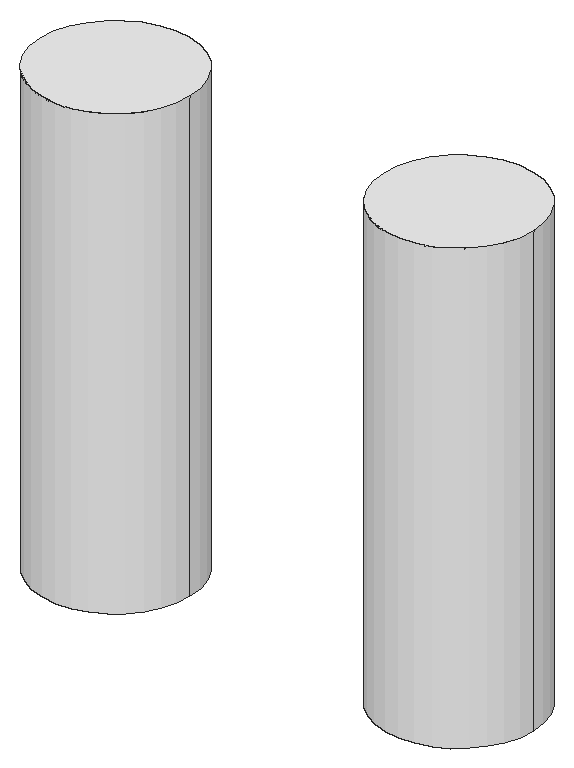
Revit family "64912019", category Plumbing Fixtures, Revit 2018
Family settings
  Round Connector Dimension = Use Diameter
  Part Type = Normal
  OmniClass Number = 23.45.55.00
  OmniClass Title = Sanitary Faucets, Wastes
  Work Plane-Based = No
  Always vertical = Yes
  Cut with Voids When Loaded = No
  Shared = No
  Room Calculation Point = No
Parameters (values of type "64912019 Washbasin faucet, 9/12 V, Bluetooth ")
  WorkingPressure = "50 - 1000 kPa"
  Working Pressure = "50 - 1000 kPa"
  WarrantyStartDate [instance] = "n/a"
  WarrantyGuarantorParts = "n/a"
  WarrantyGuarantorLabor = "n/a"
  WarrantyDurationUnit = "Year"
  WarrantyDurationParts = "n/a"
  WarrantyDurationLabor = "n/a"
  WarrantyDescription = "http://warranty.hansa.com"
  Warranty Information URL = "http://warranty.hansa.com"
  VersionDate = "01/07/2022"
  Version = "3"
  ValvePattern = "n/a"
  ValveOperation = "n/a"
  ValveMechanism = "n/a"
  Uniclass2015Reference = "Pr_40_20_87_96"
  Uniclass2015Description = "Washbasin manual water supply sets"
  Uniclass2 = "Pr_40_30_96_96"
  URL WEEE = "http://www.hansa.com/fileadmin/resources/153036_WEEE.pdf"
  URL REACH = "http://static.hansa.com/doc/reach"
  URL Declaration of Conformity = "http://static.hansa.com/DoC/64912019"
  URL = ""
  UNSPSC Class Number = "30181700 Faucets or taps"
  TestPressure = "n/a"
  Temperature Adjustments = "Temperature preset fixable;Adjustable hot water stop (included, retrofittable)"
  Temperature = "Temperature fixable;Temperature limiter (retrofittable)"
  Technical DataSheet URL = "http://www.hansa.com/datasheet/64912019/en"
  TagNumber [instance] = "n/a"
  SustainabilityPerformance = "n/a"
  Surface treatment = "Chrome"
  Spout Type = "Fixed spout;Casted construction"
  Spout Projection = "115 mm"
  Spare-Part Information URL = "http://static.hansa.com/sp/64912019"
  Size = "70x165x145 mm"
  Shape = "Sculptured"
  SerialNumber [instance] = "n/a"
  Sales Package dimensions (LxWxH) = "520 x 215 x 70"
  Revision = "3"
  ReplacementCost = "n/a"
  Protection Class = "IP 55 / transformer IP 20"
  ProductInformation = "n/a"
  Product URL = "http://static.hansa.com/64912019"
  Product Image URL = "http://static.hansa.com/image/64912019"
  Product Family = "HANSAELECTRA "
  Product Code = "64912019"
  OperatingMechanismMaterial = "n/a"
  Operating Voltage = 912 V
  Operating Distance = "20-130 mm (110/130/160 mm)"
  NominalWidth = 68.472 mm
  NominalHeight = 147 mm
  NominalDepth = 163.5 mm
  Name_en = "64912019 Washbasin faucet, 9/12 V, Bluetooth"
  Name = "64912019 Washbasin faucet, 9/12 V, Bluetooth"
  NBSReference = "45-35-70/371"
  NBSDescription = "Water supply fittings for wash basins and troughs"
  Mounting Holes = "1 hole"
  ModelReference = "64912019"
  ModelNumber = "n/a"
  Model = "64912019 Washbasin faucet, 9/12 V, Bluetooth"
  Mobile Product Information URL = "http://mpi.hansa.com/64912019"
  Mechanical Parts = "Mixing valve for manual temperature control;Non-return valve(s);Litter filter(s)"
  Max. Hot Water Supply = 70 °C
  Max Flow Period = "2 min (1 - 1800 s)"
  Material = "Brass"
  Market = "Austria;Belgium;Czech Republic;Germany;Spain;France;International;Italy;Netherlands;Slovakia"
  ManufacturerURL = "http://www.hansa.com"
  ManufacturerName = "HANSA"
  Manufacturer = "HANSA"
  Lifestyle photo = "http://static.hansa.com/lifestyle/64912019"
  Lever Handle = "Temperature control handle"
  Interactive AR View URL = "https://static.hansa.com/AR/64912019"
  InstallationDate [instance] = "n/a"
  Installation and Maintenance Guide URL = "http://static.hansa.com/manual/64912019"
  Installation Type = "Deck mounted"
  InletConnectionSize = 10 mm
  IfcExportType = "FAUCET"  # constant formula
  IfcExportAs = "IfcValveType"  # constant formula
  Group = "Washbasin faucet"
  Grade = "n/a"
  FlowCoefficient = 0
  Flow Rate At 300kPa With Flow Controller = 0.1 L/s
  Flow Drawing URL = "http://static.hansa.com/flowchart/64912019"
  Finish = "Polished"
  Features = "Touchless;Bluetooth®;Plug transformer"
  FaucetMainMaterial = Brass
  FDV Document URL = "http://www.hansa.com/datasheet/64912019/en/fdv"
  ExpectedLife = "n/a"
  Excluded Items = "Without pop-up waste;Without draw-rod opening"
  Electronic Parts = "Autofocus infrared sensor;Solenoid valve;Power supply"
  Electrical Connection = "230 / 9 V"
  ETIM Class Number = "EC010340 Electronic tap"
  EN Standard = "EN 15091"
  EMC Directive = "2014/53/EU , 2011/65/EU"
  EAN Number = "4057304014130"
  DurationUnit = "Year"
  Dimension Drawing URL = "http://static.hansa.com/dimdrw/64912019"
  Description = ""
  DefaultElevation [instance] = 900 mm
  Constituents = "Single lever"
  Connection Size = "G3/8"
  Connection = "Flexible inlet pipes"
  Color = "Chrome"
  CodePerformance = "n/a"
  CloseOffRating = 0
  Category = "Bathroom;Public & Semi-public"
  Catalog Drawing URL = "http://static.hansa.com/catdrw/64912019"
  Brand = "HANSA"
  BodyMaterial = "Brass"
  Bluetooth = "4.x"
  Barcode [instance] = "n/a"
  Backflow Prevention EN1717 = "AA"
  BIMObjectName = "64912019"
  Automatic Flush Period = "30 s (1-1800 s)"
  Automatic Flush Frequency = "off (off/1-120 h)"
  Author = "BIMStone"
  AssetType = "Fixed"
  AssetIdentifier [instance] = "n/a"
  Ambience photo = "http://static.hansa.com/ambience/64912019"
  Afterflow Period = "3 s (1-20 s)"
  Aerator = "Standard aerator"
  Advanced Features = "Software settings adjustable via App"
  AccessibilityPerformance = "n/a"
  3D View = "https://static.hansa.com/3D/64912019"
  2D/3D/BIM Files URL = "http://static.hansa.com/bim/64912019"
Reference planes
  plane 1 "Center (Front/Back)": y = 0
  plane 2: z = 0
  plane 3 "Center (Left/Right)": x = 0
  plane 4: x = -30
  plane 5: z = 1047
  plane 6: z = 900
  plane 7: z = 870
  plane 8: y = -163.5
  plane 9: x = 30
  plane 10: x = 38.472
Forms (mm)
  Extrusion 1, solid, material "Brass" <- "FaucetMainMaterial"
    sketch origin (0, -7.766, 0) x (1, 0, 0) y (0, 1, 0)
      loop
        circle (-11.5, -22.5) r 5
      loop
        circle (11.5, -22.5) r 5
    from 870 to 900
Dimensions and locks
  "NominalHeight": plane 5 to plane 6
  "DefaultElevation": plane 6 to level
  locked: plane 6 to plane 7 at 30
  "NominalDepth": plane 8 to plane 1 "Center (Front/Back)"
  equal spacing: plane 4, plane 3 "Center (Left/Right)", plane 9
  "NominalWidth": plane 4 to plane 10
  locked: plane 9 to plane 10 at 8.472
  "InletConnectionSize": diameter of Extrusion 1 sketch curve  (x2)
  aligned and locked: level to plane 2
  aligned and locked: plane 6 to Extrusion 1
  aligned and locked: Extrusion 1 to plane 7
  aligned and locked: plane 3 "Center (Left/Right)" to nested 2
  aligned and locked: plane 1 "Center (Front/Back)" to nested 2
  aligned and locked: plane 3 "Center (Left/Right)" to nested 1
  aligned and locked: plane 1 "Center (Front/Back)" to nested 1
  aligned and locked: nested 2 to plane 6
Automatic sketch dimensions
  Extrusion 1 sketch curve to plane 3 "Center (Left/Right)" = 11.5 mm
  plane 3 "Center (Left/Right)" to Extrusion 1 sketch curve = 11.5 mm
  plane 1 "Center (Front/Back)" to Extrusion 1 sketch curve = 30.266 mm  (x2)
Nested families
  nested 1: "Symbol" at (0, 0, 0), type "Symbol", detail levels coarse
  nested 2: "64912019_p" at (0, 0, 900), Material <- "FaucetMainMaterial", type "64912019_p"
    with Material Brass
Connectors
  piping at (-11.5, -30.266, 870), diameter 10, driven by "InletConnectionSize"
    settings: on Extrusion 1, index 1, connector inside diameter 609.6 mm, connector length 0 mm, flow factor 0, pipe flow 0.1 L/s, pressure drop 0.0 Pa, fitting loss kfactor 0, connector angle 0.00°, fixture units 0, engagement length 0 mm, angle of deflection 0.00°, flow configuration 1, flow direction 1, fitting loss method 0, system type 19, joint type 0, gender type 0, connector reference index -1, connector utility 0, adjustable connector no, is connector primary yes, connector description ""
  piping at (11.5, -30.266, 870), diameter 10, driven by "InletConnectionSize"
    settings: on Extrusion 1, index 2, connector inside diameter 609.6 mm, connector length 0 mm, flow factor 0, pipe flow 0.1 L/s, pressure drop 0.0 Pa, fitting loss kfactor 0, connector angle 0.00°, fixture units 0, engagement length 0 mm, angle of deflection 0.00°, flow configuration 1, flow direction 1, fitting loss method 0, system type 20, joint type 0, gender type 0, connector reference index -1, connector utility 0, adjustable connector no, is connector primary no, connector description ""
Definition of nested family "Symbol"
  Reference planes
    plane 1: y = 0
    plane 2: x = 0
  Lines and regions (mm)
    detail lines
      curve 1: line (0, 0, 0) -> (0, -1.8, 0)
      curve 2: line (-0.4, -1.1, 0) -> (0.4, -1.1, 0)
      curve 3: line (-0.4, -1.4, 0) -> (0.4, -1.4, 0)
      curve 4: line (0.863, 0, 0) -> (-0.863, 0, 0)
      curve 5: circle (-1.163, 0, 0) r 0.3 normal (0, 0, -1)
      curve 6: circle (1.163, 0, 0) r 0.3 normal (0, 0, 1)
